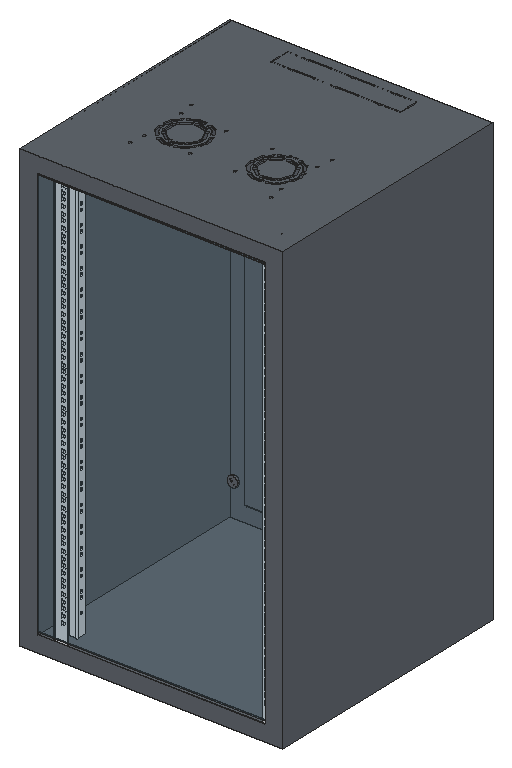
Revit family "Legrand Linkeo coffrets fixes avec panneaux latéraux fixes", category Equipement spécialisé, Revit 2020
Family settings
  Cote de connecteur circulaire = Utiliser le diamètre
  Type d'élément = Normal
  Numéro OmniClass = 23.80.30.11.17
  Titre OmniClass = Distribution Boards and Control Panels
  Basée sur le plan de construction = Non
  Toujours verticalement = Oui
  Couper avec des vides une fois chargée = Non
  Partagée = Oui
  Point de calcul de pièce = Non
Parameters (values of type "Coffret fixe Legrand Linkeo 21U W600 D600 646215.rfa")
  Type de montage = "Frontal"
  Type d'aération = "Passif"
  Référence Legrand = "646215"
  RAL = "7016"
  Passage utile en largeur (mm) = 526.00 mm
  Passage utile en hauteur (mm) = 955.00 mm
  Nombre de portes = "1"
  Nombre d'unités en hauteur = 21
  Modèle = "Corps fixe"
  Matériau = "Acier"
  Lien e-catalogue = "https://www.legrand.fr/reference/646215/pro"
  Libellé BIM = "Coffret fixe Legrand Linkeo 21U W600 D600 646215.rfa"
  Indice de protection IP = "IP20"
  Indice de protection IK = "IK08"
  Profondeur (mm) = 604.00 mm
  Largeur (mm) = 605.00 mm
  Hauteur (mm) = 1025.00 mm
  Fonction = "Coffrets fixes Linkeo Legrand"
  Fixation Y = 819.00 mm
  Fixation X = 400.00 mm
  Finition du rail profilé = "En forme de L"
  Finition de surface = "Poudré"
  Fabricant = "Legrand"  # constant formula
  Epaisseur (mm) = 1.50 mm
  Emplacement de rack = 40.00 mm
  Elévation par défaut = 0.00 mm
  EAN = "3414970967886"
  Démontable = yes
  Dimension modulaire = "482.6 mm (19 pouces)"
  Couleur = gris
  Classe d'application = "Coffrets Legrand"
  Capacité de charge max = "63"
  Avec tôle de toit = yes
  Avec porte frontale = yes
  Avec parois latérales = yes
  Avec mise à la terre = yes
Reference planes
  plane 1 "Centre (avant/arrière)": y = 150
  plane 2: z = 0
  plane 3 "Centre (gauche/droite)": x = 0
  plane 4: x = 605
  plane 5: z = 1025
  plane 6: y = -454
  plane 7: x = 39.5
  plane 8: x = 565.5
  plane 9: x = 302.5
  plane 10: z = 990
  plane 11: z = 35
  plane 12: z = 512.5
  plane 13: y = -452
  plane 14: x = 302.5
  plane 15: y = -444.5
  plane 16: y = 455.094
  plane 17: x = 1428.928
  plane 18: z = -485.313
  plane 19: x = 2466.566
  plane 20: z = 512.5
  plane 21: x = 302.5
  plane 22: z = 103
  plane 23: z = 922
  plane 24: x = 502.5
  plane 25: x = 102.5
  plane 26: x = 302.5
  plane 27: y = -414
  plane 28: x = 528
  plane 29: y = -412.5
  plane 30: x = 559.5
  plane 31: x = 561
  plane 32: y = -373.5
  plane 33: y = -372
  plane 34: x = 537.5
  plane 35: x = 539
  plane 36: y = -352
  plane 37: z = 46.65
  plane 38: z = 56.15
  plane 39: x = 531.5
  plane 40: x = 541
  plane 41: z = 78.4
  plane 42: z = 87.9
  plane 43: y = -358.486
  plane 44: y = -367.986
  plane 45: z = 72.03
  plane 46: z = 62.53
  plane 47: x = 77
  plane 48: y = -412.5
  plane 49: y = -373.5
  plane 50: y = -372
  plane 51: x = 67.5
  plane 52: x = 66
  plane 53: y = -352
  plane 54: z = 40
  plane 55: z = 960
  plane 56: z = 512.5
  plane 57: y = -454
  plane 58: y = -75
Forms (mm)
  Extrusion 1, solid, material "gris" <- "Couleur"
    sketch origin (0, 0, 0) x (0, 1, 0) y (0, 0, 1)
      loop
        line (-454, 0) -> (150, 0) -> (150, 1025) -> (-454, 1025) -> (-454, 0)
    from 0 to 605
  Extrusion 2, void
    sketch origin (0, 150, 0) x (1, 0, 0) y (0, 0, 1)
      loop
        line (2, 1023) -> (2, 2) -> (603, 2) -> (603, 1023) -> (2, 1023)
    from 2 to 602
  Extrusion 3, void
    sketch origin (0, 150, 0) x (1, 0, 0) y (0, 0, 1)
      loop
        line (39.5, 990) -> (39.5, 35) -> (565.5, 35) -> (565.5, 990) -> (39.5, 990)
    from 0 to 604
  Extrusion 4, solid, material "Verre"
    sketch origin (0, 150, 0) x (1, 0, 0) y (0, 0, 1)
      loop
        line (39.5, 40) -> (565.5, 40) -> (565.5, 985) -> (39.5, 985) -> (39.5, 40)
    from 599 to 604
  Extrusion 5, solid, material "gris" <- "Couleur"
    sketch origin (0, 150, 0) x (1, 0, 0) y (0, 0, 1)
      loop
        line (39.5, 985) -> (39.5, 40) -> (565.5, 40) -> (565.5, 985) -> (39.5, 985)
    from 0 to 5
  Extrusion 6, void
    sketch origin (-365.695, -1524, 1025) x (0, -1, 0) y (-1, 0, 0)
      loop
        line (-1346.24, -534.853) -> (-1354.081, -549.371)
        arc (-1354.081, -549.371) -> (-1354.476, -550.408) -> (-1354.589, -551.511) r 4.25
        line (-1354.589, -551.511) -> (-1354.121, -568.003)
        arc (-1354.121, -568.003) -> (-1349.753, -572.132) -> (-1345.624, -567.763) r 4.25
        line (-1345.624, -567.763) -> (-1346.061, -552.408) -> (-1338.76, -538.89)
        arc (-1338.76, -538.89) -> (-1340.482, -533.132) -> (-1346.24, -534.853) r 4.25
      loop
        line (-1350.631, -582.413) -> (-1344.17, -597.593)
        arc (-1344.17, -597.593) -> (-1343.605, -598.55) -> (-1342.813, -599.327) r 4.25
        line (-1342.813, -599.327) -> (-1329.627, -609.243)
        arc (-1329.627, -609.243) -> (-1323.675, -608.402) -> (-1324.517, -602.45) r 4.25
        line (-1324.517, -602.45) -> (-1336.794, -593.218) -> (-1342.809, -579.087)
        arc (-1342.809, -579.087) -> (-1348.384, -576.837) -> (-1350.631, -582.413) r 4.25
      loop
        line (-1341.896, -561.222) -> (-1336.745, -583.429)
        arc (-1336.745, -583.429) -> (-1331.646, -586.613) -> (-1328.465, -581.512) r 4.25
        line (-1328.465, -581.512) -> (-1333.616, -559.301)
        arc (-1333.616, -559.301) -> (-1338.716, -556.121) -> (-1341.896, -561.222) r 4.25
      loop
        line (-1327.307, -595.457) -> (-1306.733, -605.276)
        arc (-1306.733, -605.276) -> (-1301.063, -603.272) -> (-1303.074, -597.604) r 4.25
        line (-1303.074, -597.604) -> (-1323.645, -587.786)
        arc (-1323.645, -587.786) -> (-1329.312, -589.791) -> (-1327.307, -595.457) r 4.25
      loop
        line (-1299.11, -611.418) -> (-1313.912, -607.309)
        arc (-1313.912, -607.309) -> (-1319.143, -610.266) -> (-1316.188, -615.498) r 4.25
        line (-1316.188, -615.498) -> (-1300.284, -619.913)
        arc (-1300.284, -619.913) -> (-1299.188, -620.067) -> (-1298.089, -619.933) r 4.25
        line (-1298.089, -619.933) -> (-1282.111, -615.805)
        arc (-1282.111, -615.805) -> (-1279.059, -610.627) -> (-1284.237, -607.575) r 4.25
        line (-1284.237, -607.575) -> (-1299.11, -611.418)
      loop
        line (-1291.444, -605.396) -> (-1270.941, -595.434)
        arc (-1270.941, -595.434) -> (-1268.972, -589.752) -> (-1274.657, -587.789) r 4.25
        line (-1274.657, -587.789) -> (-1295.159, -597.751)
        arc (-1295.159, -597.751) -> (-1297.124, -603.431) -> (-1291.444, -605.396) r 4.25
      loop
        line (-1254.09, -597.811) -> (-1247.356, -582.747)
        arc (-1247.356, -582.747) -> (-1249.504, -577.132) -> (-1255.118, -579.283) r 4.25
        line (-1255.118, -579.283) -> (-1261.385, -593.302) -> (-1273.826, -602.313)
        arc (-1273.826, -602.313) -> (-1274.775, -608.248) -> (-1268.84, -609.197) r 4.25
        line (-1268.84, -609.197) -> (-1255.481, -599.522)
        arc (-1255.481, -599.522) -> (-1254.673, -598.758) -> (-1254.09, -597.811) r 4.25
      loop
        line (-1261.313, -583.55) -> (-1256.318, -561.312)
        arc (-1256.318, -561.312) -> (-1259.533, -556.231) -> (-1264.612, -559.448) r 4.25
        line (-1264.612, -559.448) -> (-1269.607, -581.692)
        arc (-1269.607, -581.692) -> (-1266.389, -586.771) -> (-1261.313, -583.55) r 4.25
      loop
        line (-1252.027, -552.513) -> (-1252.74, -567.863)
        arc (-1252.74, -567.863) -> (-1248.689, -572.301) -> (-1244.249, -568.252) r 4.25
        line (-1244.249, -568.252) -> (-1243.484, -551.774)
        arc (-1243.484, -551.774) -> (-1243.577, -550.666) -> (-1243.954, -549.621) r 4.25
        line (-1243.954, -549.621) -> (-1251.533, -534.964)
        arc (-1251.533, -534.964) -> (-1257.262, -533.142) -> (-1259.081, -538.873) r 4.25
        line (-1259.081, -538.873) -> (-1252.027, -552.513)
      loop
        line (-1259.602, -546.382) -> (-1273.877, -528.609)
        arc (-1273.877, -528.609) -> (-1279.854, -527.949) -> (-1280.509, -533.927) r 4.25
        line (-1280.509, -533.927) -> (-1266.233, -551.699)
        arc (-1266.233, -551.699) -> (-1260.258, -552.357) -> (-1259.602, -546.382) r 4.25
      loop
        line (-1260.928, -523.497) -> (-1273.333, -512.626)
        arc (-1273.333, -512.626) -> (-1274.254, -512.009) -> (-1275.303, -511.652) r 4.25
        line (-1275.303, -511.652) -> (-1291.501, -508.436)
        arc (-1291.501, -508.436) -> (-1296.493, -511.785) -> (-1293.143, -516.776) r 4.25
        line (-1293.143, -516.776) -> (-1278.083, -519.766) -> (-1266.53, -529.89)
        arc (-1266.53, -529.89) -> (-1260.533, -529.494) -> (-1260.928, -523.497) r 4.25
      loop
        line (-1306.324, -508.634) -> (-1322.558, -511.555)
        arc (-1322.558, -511.555) -> (-1323.615, -511.892) -> (-1324.548, -512.492) r 4.25
        line (-1324.548, -512.492) -> (-1337.151, -523.142)
        arc (-1337.151, -523.142) -> (-1337.654, -529.131) -> (-1331.665, -529.634) r 4.25
        line (-1331.665, -529.634) -> (-1319.932, -519.719) -> (-1304.811, -516.998)
        arc (-1304.811, -516.998) -> (-1301.384, -512.059) -> (-1306.324, -508.634) r 4.25
      loop
        line (-1287.602, -521.865) -> (-1310.399, -521.944)
        arc (-1310.399, -521.944) -> (-1314.637, -526.21) -> (-1310.367, -530.444) r 4.25
        line (-1310.367, -530.444) -> (-1287.573, -530.365)
        arc (-1287.573, -530.365) -> (-1283.338, -526.1) -> (-1287.602, -521.865) r 4.25
      loop
        line (-1324.228, -528.473) -> (-1338.379, -546.345)
        arc (-1338.379, -546.345) -> (-1337.685, -552.316) -> (-1331.715, -551.622) r 4.25
        line (-1331.715, -551.622) -> (-1317.562, -533.747)
        arc (-1317.562, -533.747) -> (-1318.257, -527.775) -> (-1324.228, -528.473) r 4.25
      loop
        line (-1243.954, -759.621) -> (-1251.533, -744.964)
        arc (-1251.533, -744.964) -> (-1257.262, -743.142) -> (-1259.081, -748.873) r 4.25
        line (-1259.081, -748.873) -> (-1252.027, -762.513) -> (-1252.74, -777.862)
        arc (-1252.74, -777.862) -> (-1248.689, -782.301) -> (-1244.249, -778.252) r 4.25
        line (-1244.249, -778.252) -> (-1243.484, -761.774)
        arc (-1243.484, -761.774) -> (-1243.577, -760.666) -> (-1243.954, -759.621) r 4.25
      loop
        line (-1254.09, -807.811) -> (-1247.356, -792.747)
        arc (-1247.356, -792.747) -> (-1249.504, -787.132) -> (-1255.118, -789.283) r 4.25
        line (-1255.118, -789.283) -> (-1261.385, -803.302) -> (-1273.826, -812.313)
        arc (-1273.826, -812.313) -> (-1274.775, -818.248) -> (-1268.84, -819.197) r 4.25
        line (-1268.84, -819.197) -> (-1255.477, -809.519)
        arc (-1255.477, -809.519) -> (-1254.671, -808.756) -> (-1254.09, -807.811) r 4.25
      loop
        line (-1284.233, -817.574) -> (-1299.11, -821.418) -> (-1313.912, -817.309)
        arc (-1313.912, -817.309) -> (-1319.143, -820.264) -> (-1316.191, -825.498) r 4.25
        line (-1316.191, -825.498) -> (-1300.294, -829.911)
        arc (-1300.294, -829.911) -> (-1299.194, -830.067) -> (-1298.092, -829.934) r 4.25
        line (-1298.092, -829.934) -> (-1282.107, -825.804)
        arc (-1282.107, -825.804) -> (-1279.059, -820.627) -> (-1284.233, -817.574) r 4.25
      loop
        line (-1324.517, -812.45) -> (-1336.794, -803.218) -> (-1342.809, -789.087)
        arc (-1342.809, -789.087) -> (-1348.384, -786.837) -> (-1350.631, -792.413) r 4.25
        line (-1350.631, -792.413) -> (-1344.169, -807.595)
        arc (-1344.169, -807.595) -> (-1343.605, -808.55) -> (-1342.813, -809.327) r 4.25
        line (-1342.813, -809.327) -> (-1329.625, -819.244)
        arc (-1329.625, -819.244) -> (-1323.674, -818.401) -> (-1324.517, -812.45) r 4.25
      loop
        line (-1349.126, -777.863) -> (-1349.39, -768.573) -> (-1338.761, -748.892)
        arc (-1338.761, -748.892) -> (-1340.48, -743.134) -> (-1346.238, -744.85) r 4.25
        line (-1346.238, -744.85) -> (-1354.082, -759.373)
        arc (-1354.082, -759.373) -> (-1354.476, -760.409) -> (-1354.589, -761.511) r 4.25
        line (-1354.589, -761.511) -> (-1354.121, -778.002)
        arc (-1354.121, -778.002) -> (-1351.554, -780.431) -> (-1349.126, -777.863) r 2.498
      loop
        line (-1331.662, -739.632) -> (-1319.932, -729.719) -> (-1304.813, -726.999)
        arc (-1304.813, -726.999) -> (-1301.383, -722.064) -> (-1306.316, -718.632) r 4.25
        line (-1306.316, -718.632) -> (-1322.555, -721.554)
        arc (-1322.555, -721.554) -> (-1323.613, -721.891) -> (-1324.548, -722.492) r 4.25
        line (-1324.548, -722.492) -> (-1337.149, -733.14)
        arc (-1337.149, -733.14) -> (-1337.654, -739.131) -> (-1331.662, -739.632) r 4.25
      loop
        line (-1293.15, -726.774) -> (-1278.083, -729.766) -> (-1266.527, -739.892)
        arc (-1266.527, -739.892) -> (-1260.532, -739.493) -> (-1260.928, -733.497) r 4.25
        line (-1260.928, -733.497) -> (-1273.335, -722.625)
        arc (-1273.335, -722.625) -> (-1274.257, -722.008) -> (-1275.308, -721.651) r 4.25
        line (-1275.308, -721.651) -> (-1291.495, -718.437)
        arc (-1291.495, -718.437) -> (-1296.491, -721.778) -> (-1293.15, -726.774) r 4.25
      loop
        line (-1280.509, -743.927) -> (-1266.233, -761.7)
        arc (-1266.233, -761.7) -> (-1260.259, -762.357) -> (-1259.602, -756.382) r 4.25
        line (-1259.602, -756.382) -> (-1273.879, -738.607)
        arc (-1273.879, -738.607) -> (-1279.855, -737.95) -> (-1280.509, -743.927) r 4.25
      loop
        line (-1264.612, -769.449) -> (-1269.607, -791.692)
        arc (-1269.607, -791.692) -> (-1266.389, -796.771) -> (-1261.313, -793.55) r 4.25
        line (-1261.313, -793.55) -> (-1256.318, -771.312)
        arc (-1256.318, -771.312) -> (-1259.533, -766.231) -> (-1264.612, -769.449) r 4.25
      loop
        line (-1274.657, -797.789) -> (-1295.165, -807.754)
        arc (-1295.165, -807.754) -> (-1297.123, -813.434) -> (-1291.444, -815.396) r 4.25
        line (-1291.444, -815.396) -> (-1270.937, -805.432)
        arc (-1270.937, -805.432) -> (-1268.973, -799.749) -> (-1274.657, -797.789) r 4.25
      loop
        line (-1287.602, -731.865) -> (-1310.398, -731.944)
        arc (-1310.398, -731.944) -> (-1314.637, -736.209) -> (-1310.368, -740.444) r 4.25
        line (-1310.368, -740.444) -> (-1287.573, -740.365)
        arc (-1287.573, -740.365) -> (-1283.338, -736.1) -> (-1287.602, -731.865) r 4.25
      loop
        line (-1324.229, -738.474) -> (-1338.379, -756.345)
        arc (-1338.379, -756.345) -> (-1337.685, -762.316) -> (-1331.715, -761.622) r 4.25
        line (-1331.715, -761.622) -> (-1317.562, -743.746)
        arc (-1317.562, -743.746) -> (-1318.257, -737.775) -> (-1324.229, -738.474) r 4.25
      loop
        line (-1341.896, -771.222) -> (-1336.746, -793.428)
        arc (-1336.746, -793.428) -> (-1331.647, -796.613) -> (-1328.465, -791.512) r 4.25
        line (-1328.465, -791.512) -> (-1333.616, -769.301)
        arc (-1333.616, -769.301) -> (-1338.716, -766.121) -> (-1341.896, -771.222) r 4.25
      loop
        line (-1327.307, -805.457) -> (-1306.732, -815.277)
        arc (-1306.732, -815.277) -> (-1301.064, -813.274) -> (-1303.069, -807.607) r 4.25
        line (-1303.069, -807.607) -> (-1323.639, -797.789)
        arc (-1323.639, -797.789) -> (-1329.31, -799.788) -> (-1327.307, -805.457) r 4.25
      loop
        circle (-1387.055, -505.695) r 2.75
      loop
        circle (-1351.557, -510.693) r 2.75
      loop
        circle (-1246.556, -510.693) r 2.75
      loop
        circle (-1211.055, -505.695) r 2.75
      loop
        circle (-1246.555, -615.695) r 2.75
      loop
        circle (-1351.555, -615.695) r 2.75
      loop
        circle (-1351.557, -720.693) r 2.75
      loop
        circle (-1246.555, -720.695) r 2.75
      loop
        circle (-1246.555, -825.695) r 2.75
      loop
        circle (-1211.055, -830.695) r 2.75
      loop
        circle (-1351.555, -825.695) r 2.75
      loop
        circle (-1387.055, -830.695) r 2.75
    from 0 to 2
  Extrusion 7, void
    sketch origin (0, 150, 1025) x (1, 0, 0) y (0, -1, 0)
      loop
        line (152.5, 24) -> (201.75, 24) -> (201.75, 27) -> (155.5, 27) -> (155.5, 48.25) -> (152.5, 48.25) -> (152.5, 24)
      loop
        line (452.5, 49.75) -> (452.5, 74) -> (403.25, 74) -> (403.25, 71) -> (449.5, 71) -> (449.5, 49.75) -> (452.5, 49.75)
      loop
        line (403.25, 24) -> (452.5, 24) -> (452.5, 48.25) -> (449.5, 48.25) -> (449.5, 27) -> (403.25, 27) -> (403.25, 24)
      loop
        line (203.25, 71) -> (251.75, 71) -> (251.75, 74) -> (203.25, 74) -> (203.25, 71)
      loop
        line (152.5, 49.75) -> (155.5, 49.75) -> (155.5, 71) -> (201.75, 71) -> (201.75, 74) -> (152.5, 74) -> (152.5, 49.75)
      loop
        line (253.25, 74) -> (253.25, 71) -> (301.75, 71) -> (301.75, 74) -> (253.25, 74)
      loop
        line (351.75, 71) -> (351.75, 74) -> (303.25, 74) -> (303.25, 71) -> (351.75, 71)
      loop
        line (353.25, 74) -> (353.25, 71) -> (401.75, 71) -> (401.75, 74) -> (353.25, 74)
      loop
        line (351.75, 27) -> (303.25, 27) -> (303.25, 24) -> (351.75, 24) -> (351.75, 27)
      loop
        line (353.25, 27) -> (353.25, 24) -> (401.75, 24) -> (401.75, 27) -> (353.25, 27)
      loop
        line (251.75, 27) -> (203.25, 27) -> (203.25, 24) -> (251.75, 24) -> (251.75, 27)
      loop
        line (253.25, 27) -> (253.25, 24) -> (301.75, 24) -> (301.75, 27) -> (253.25, 27)
    from 0 to 2
  Extrusion 8, void
    sketch origin (0, -150, 0) x (1, 0, 0) y (0, 1, 0)
      loop
        line (152.5, 276) -> (152.5, 251.75) -> (155.5, 251.75) -> (155.5, 273) -> (201.75, 273) -> (201.75, 276) -> (152.5, 276)
      loop
        line (452.5, 250.25) -> (449.5, 250.25) -> (449.5, 229) -> (403.25, 229) -> (403.25, 226) -> (452.5, 226) -> (452.5, 250.25)
      loop
        line (403.25, 276) -> (403.25, 273) -> (449.5, 273) -> (449.5, 251.75) -> (452.5, 251.75) -> (452.5, 276) -> (403.25, 276)
      loop
        line (203.25, 229) -> (203.25, 226) -> (251.75, 226) -> (251.75, 229) -> (203.25, 229)
      loop
        line (152.5, 250.25) -> (152.5, 226) -> (201.75, 226) -> (201.75, 229) -> (155.5, 229) -> (155.5, 250.25) -> (152.5, 250.25)
      loop
        line (253.25, 226) -> (301.75, 226) -> (301.75, 229) -> (253.25, 229) -> (253.25, 226)
      loop
        line (351.75, 229) -> (303.25, 229) -> (303.25, 226) -> (351.75, 226) -> (351.75, 229)
      loop
        line (353.25, 226) -> (401.75, 226) -> (401.75, 229) -> (353.25, 229) -> (353.25, 226)
      loop
        line (351.75, 273) -> (351.75, 276) -> (303.25, 276) -> (303.25, 273) -> (351.75, 273)
      loop
        line (353.25, 273) -> (401.75, 273) -> (401.75, 276) -> (353.25, 276) -> (353.25, 273)
      loop
        line (251.75, 273) -> (251.75, 276) -> (203.25, 276) -> (203.25, 273) -> (251.75, 273)
      loop
        line (253.25, 273) -> (301.75, 273) -> (301.75, 276) -> (253.25, 276) -> (253.25, 273)
    from 0 to 2
  Extrusion 9, void
    sketch origin (0, 150, 0) x (1, 0, 0) y (0, 0, 1)
      loop
        line (106.751, 916.931) -> (106.751, 922)
        arc (106.751, 922) -> (102.5, 926.251) -> (98.249, 922) r 4.251
        line (98.249, 922) -> (98.249, 916.931)
        arc (98.249, 916.931) -> (102.5, 903.252) -> (106.751, 916.931) r 7.5
      loop
        line (506.751, 916.931) -> (506.751, 922)
        arc (506.751, 922) -> (502.5, 926.251) -> (498.249, 922) r 4.251
        line (498.249, 922) -> (498.249, 916.931)
        arc (498.249, 916.931) -> (502.5, 903.252) -> (506.751, 916.931) r 7.5
    from -12.009 to 5
  Extrusion 10, solid
    sketch origin (603, 150, 2) x (-1, 0, 0) y (0, -1, 0)
      loop
        line (75, 562.5) -> (75, 564) -> (45, 564)
        arc (45, 564) -> (42.879, 563.121) -> (42, 561) r 3
        line (42, 561) -> (42, 525)
        arc (42, 525) -> (42.879, 522.879) -> (45, 522) r 3
        line (45, 522) -> (62.5, 522)
        arc (62.5, 522) -> (63.561, 521.561) -> (64, 520.5) r 1.5
        line (64, 520.5) -> (64, 502) -> (65.5, 502) -> (65.5, 520.5)
        arc (65.5, 520.5) -> (64.621, 522.621) -> (62.5, 523.5) r 3
        line (62.5, 523.5) -> (45, 523.5)
        arc (45, 523.5) -> (43.939, 523.939) -> (43.5, 525) r 1.5
        line (43.5, 525) -> (43.5, 561)
        arc (43.5, 561) -> (43.939, 562.061) -> (45, 562.5) r 1.5
        line (45, 562.5) -> (75, 562.5)
    from 0 to 1021
  Extrusion 11, void
    sketch origin (528, -414, 2) x (-1, 0, 0) y (0, 0, 1)
      loop
        line (-3.5, 44.65) -> (-3.5, 54.15) -> (-13, 54.15) -> (-13, 44.65) -> (-3.5, 44.65)
      loop
        line (-3.5, 76.4) -> (-3.5, 85.9) -> (-13, 85.9) -> (-13, 76.4) -> (-3.5, 76.4)
    from 0 to 1.5
  Extrusion 12, void
    sketch origin (528, -414, 2) x (-1, 0, 0) y (0, 0, 1)
      loop
        line (-3.5, 60.53) -> (-3.5, 70.03) -> (-13, 70.03) -> (-13, 60.53) -> (-3.5, 60.53)
    from 0 to 1.5
  Extrusion 13, solid
    sketch origin (13.243, 150, 2) x (1, 0, 0) y (0, 1, 0)
      loop
        line (63.757, -562.5) -> (33.757, -562.5)
        arc (33.757, -562.5) -> (32.697, -562.061) -> (32.257, -561) r 1.5
        line (32.257, -561) -> (32.257, -525)
        arc (32.257, -525) -> (32.697, -523.939) -> (33.757, -523.5) r 1.5
        line (33.757, -523.5) -> (51.257, -523.5)
        arc (51.257, -523.5) -> (53.379, -522.621) -> (54.257, -520.5) r 3
        line (54.257, -520.5) -> (54.257, -502) -> (52.757, -502) -> (52.757, -520.5)
        arc (52.757, -520.5) -> (52.318, -521.561) -> (51.257, -522) r 1.5
        line (51.257, -522) -> (33.757, -522)
        arc (33.757, -522) -> (31.636, -522.879) -> (30.757, -525) r 3
        line (30.757, -525) -> (30.757, -561)
        arc (30.757, -561) -> (31.636, -563.121) -> (33.757, -564) r 3
        line (33.757, -564) -> (63.757, -564) -> (63.757, -562.5)
    from 0 to 1021
  Extrusion 14, void, not visible
    sketch origin (0, 150, 94.83) x (0, 0, -1) y (1, 0, 0)
      loop
        line (-56.37, 452.5) -> (-80.62, 452.5) -> (-80.62, 449.5) -> (-59.37, 449.5) -> (-59.37, 403.25) -> (-56.37, 403.25) -> (-56.37, 452.5)
      loop
        line (-106.37, 403.25) -> (-103.37, 403.25) -> (-103.37, 449.5) -> (-82.12, 449.5) -> (-82.12, 452.5) -> (-106.37, 452.5) -> (-106.37, 403.25)
      loop
        line (-106.37, 401.75) -> (-106.37, 353.25) -> (-103.37, 353.25) -> (-103.37, 401.75) -> (-106.37, 401.75)
      loop
        line (-106.37, 351.75) -> (-106.37, 303.25) -> (-103.37, 303.25) -> (-103.37, 351.75) -> (-106.37, 351.75)
      loop
        line (-106.37, 301.75) -> (-106.37, 253.25) -> (-103.37, 253.25) -> (-103.37, 301.75) -> (-106.37, 301.75)
      loop
        line (-106.37, 251.75) -> (-106.37, 203.25) -> (-103.37, 203.25) -> (-103.37, 251.75) -> (-106.37, 251.75)
      loop
        line (-106.37, 201.75) -> (-106.37, 152.5) -> (-82.12, 152.5) -> (-82.12, 155.5) -> (-103.37, 155.5) -> (-103.37, 201.75) -> (-106.37, 201.75)
      loop
        line (-80.62, 152.5) -> (-56.37, 152.5) -> (-56.37, 201.75) -> (-59.37, 201.75) -> (-59.37, 155.5) -> (-80.62, 155.5) -> (-80.62, 152.5)
      loop
        line (-56.37, 203.25) -> (-56.37, 251.75) -> (-59.37, 251.75) -> (-59.37, 203.25) -> (-56.37, 203.25)
      loop
        line (-56.37, 253.25) -> (-56.37, 301.75) -> (-59.37, 301.75) -> (-59.37, 253.25) -> (-56.37, 253.25)
      loop
        line (-56.37, 351.75) -> (-59.37, 351.75) -> (-59.37, 303.25) -> (-56.37, 303.25) -> (-56.37, 351.75)
      loop
        line (-56.37, 353.25) -> (-56.37, 401.75) -> (-59.37, 401.75) -> (-59.37, 353.25) -> (-56.37, 353.25)
    from 0 to 5
  Extrusion 15, void
    sketch origin (0, 150, -152) x (1, 0, 0) y (0, 0, 1)
      loop
        line (106.751, 249.931) -> (106.751, 255)
        arc (106.751, 255) -> (102.5, 259.251) -> (98.249, 255) r 4.251
        line (98.249, 255) -> (98.249, 249.931)
        arc (98.249, 249.931) -> (102.5, 236.252) -> (106.751, 249.931) r 7.5
      loop
        line (506.751, 249.931) -> (506.751, 255)
        arc (506.751, 255) -> (502.5, 259.251) -> (498.249, 255) r 4.251
        line (498.249, 255) -> (498.249, 249.931)
        arc (498.249, 249.931) -> (502.5, 236.252) -> (506.751, 249.931) r 7.5
    from -12.009 to 5
  Extrusion 16, void
    sketch origin (60.5, -414, 2) x (-1, 0, 0) y (0, 0, 1)
      loop
        line (-3.5, 44.65) -> (-3.5, 54.15) -> (-13, 54.15) -> (-13, 44.65) -> (-3.5, 44.65)
      loop
        line (-3.5, 76.4) -> (-3.5, 85.9) -> (-13, 85.9) -> (-13, 76.4) -> (-3.5, 76.4)
    from 0 to 1.5
  Extrusion 17, void
    sketch origin (60.5, -414, 2) x (-1, 0, 0) y (0, 0, 1)
      loop
        line (-3.5, 60.53) -> (-3.5, 70.03) -> (-13, 70.03) -> (-13, 60.53) -> (-3.5, 60.53)
    from 0 to 1.5
  Extrusion 18, void, not visible
    sketch origin (528, -414, 2) x (-1, 0, 0) y (0, 0, 1)
      loop
        line (-3.5, 44.65) -> (-3.5, 54.15) -> (-13, 54.15) -> (-13, 44.65) -> (-3.5, 44.65)
      loop
        line (-3.5, 76.4) -> (-3.5, 85.9) -> (-13, 85.9) -> (-13, 76.4) -> (-3.5, 76.4)
    from 0 to 1.5
  Extrusion 19, void, not visible
    sketch origin (528, -414, 2) x (-1, 0, 0) y (0, 0, 1)
      loop
        line (-3.5, 60.53) -> (-3.5, 70.03) -> (-13, 70.03) -> (-13, 60.53) -> (-3.5, 60.53)
    from 0 to 1.5
  Extrusion 20, void
    sketch origin (528, -414, 46.45) x (-1, 0, 0) y (0, 0, 1)
      loop
        line (-3.5, 44.65) -> (-3.5, 54.15) -> (-13, 54.15) -> (-13, 44.65) -> (-3.5, 44.65)
      loop
        line (-3.5, 76.4) -> (-3.5, 85.9) -> (-13, 85.9) -> (-13, 76.4) -> (-3.5, 76.4)
    from 0 to 1.5
  Extrusion 21, void
    sketch origin (528, -414, 46.45) x (-1, 0, 0) y (0, 0, 1)
      loop
        line (-3.5, 60.53) -> (-3.5, 70.03) -> (-13, 70.03) -> (-13, 60.53) -> (-3.5, 60.53)
    from 0 to 1.5
  Extrusion 22, void
    sketch origin (60.5, -414, 46.45) x (-1, 0, 0) y (0, 0, 1)
      loop
        line (-3.5, 44.65) -> (-3.5, 54.15) -> (-13, 54.15) -> (-13, 44.65) -> (-3.5, 44.65)
      loop
        line (-3.5, 76.4) -> (-3.5, 85.9) -> (-13, 85.9) -> (-13, 76.4) -> (-3.5, 76.4)
    from 0 to 1.5
  Extrusion 23, void
    sketch origin (60.5, -414, 46.45) x (-1, 0, 0) y (0, 0, 1)
      loop
        line (-3.5, 60.53) -> (-3.5, 70.03) -> (-13, 70.03) -> (-13, 60.53) -> (-3.5, 60.53)
    from 0 to 1.5
  Extrusion 24, void
    sketch origin (528, -414, 90.9) x (-1, 0, 0) y (0, 0, 1)
      loop
        line (-3.5, 44.65) -> (-3.5, 54.15) -> (-13, 54.15) -> (-13, 44.65) -> (-3.5, 44.65)
      loop
        line (-3.5, 76.4) -> (-3.5, 85.9) -> (-13, 85.9) -> (-13, 76.4) -> (-3.5, 76.4)
    from 0 to 1.5
  Extrusion 25, void
    sketch origin (528, -414, 90.9) x (-1, 0, 0) y (0, 0, 1)
      loop
        line (-3.5, 60.53) -> (-3.5, 70.03) -> (-13, 70.03) -> (-13, 60.53) -> (-3.5, 60.53)
    from 0 to 1.5
  Extrusion 26, void
    sketch origin (60.5, -414, 90.9) x (-1, 0, 0) y (0, 0, 1)
      loop
        line (-3.5, 44.65) -> (-3.5, 54.15) -> (-13, 54.15) -> (-13, 44.65) -> (-3.5, 44.65)
      loop
        line (-3.5, 76.4) -> (-3.5, 85.9) -> (-13, 85.9) -> (-13, 76.4) -> (-3.5, 76.4)
    from 0 to 1.5
  Extrusion 27, void
    sketch origin (60.5, -414, 90.9) x (-1, 0, 0) y (0, 0, 1)
      loop
        line (-3.5, 60.53) -> (-3.5, 70.03) -> (-13, 70.03) -> (-13, 60.53) -> (-3.5, 60.53)
    from 0 to 1.5
  Extrusion 28, void
    sketch origin (528, -414, 135.35) x (-1, 0, 0) y (0, 0, 1)
      loop
        line (-3.5, 44.65) -> (-3.5, 54.15) -> (-13, 54.15) -> (-13, 44.65) -> (-3.5, 44.65)
      loop
        line (-3.5, 76.4) -> (-3.5, 85.9) -> (-13, 85.9) -> (-13, 76.4) -> (-3.5, 76.4)
    from 0 to 1.5
  Extrusion 29, void
    sketch origin (528, -414, 135.35) x (-1, 0, 0) y (0, 0, 1)
      loop
        line (-3.5, 60.53) -> (-3.5, 70.03) -> (-13, 70.03) -> (-13, 60.53) -> (-3.5, 60.53)
    from 0 to 1.5
  Extrusion 30, void
    sketch origin (60.5, -414, 135.35) x (-1, 0, 0) y (0, 0, 1)
      loop
        line (-3.5, 44.65) -> (-3.5, 54.15) -> (-13, 54.15) -> (-13, 44.65) -> (-3.5, 44.65)
      loop
        line (-3.5, 76.4) -> (-3.5, 85.9) -> (-13, 85.9) -> (-13, 76.4) -> (-3.5, 76.4)
    from 0 to 1.5
  Extrusion 31, void
    sketch origin (60.5, -414, 135.35) x (-1, 0, 0) y (0, 0, 1)
      loop
        line (-3.5, 60.53) -> (-3.5, 70.03) -> (-13, 70.03) -> (-13, 60.53) -> (-3.5, 60.53)
    from 0 to 1.5
  Extrusion 32, void
    sketch origin (528, -414, 179.8) x (-1, 0, 0) y (0, 0, 1)
      loop
        line (-3.5, 44.65) -> (-3.5, 54.15) -> (-13, 54.15) -> (-13, 44.65) -> (-3.5, 44.65)
      loop
        line (-3.5, 76.4) -> (-3.5, 85.9) -> (-13, 85.9) -> (-13, 76.4) -> (-3.5, 76.4)
    from 0 to 1.5
  Extrusion 33, void
    sketch origin (528, -414, 179.8) x (-1, 0, 0) y (0, 0, 1)
      loop
        line (-3.5, 60.53) -> (-3.5, 70.03) -> (-13, 70.03) -> (-13, 60.53) -> (-3.5, 60.53)
    from 0 to 1.5
  Extrusion 34, void
    sketch origin (60.5, -414, 179.8) x (-1, 0, 0) y (0, 0, 1)
      loop
        line (-3.5, 44.65) -> (-3.5, 54.15) -> (-13, 54.15) -> (-13, 44.65) -> (-3.5, 44.65)
      loop
        line (-3.5, 76.4) -> (-3.5, 85.9) -> (-13, 85.9) -> (-13, 76.4) -> (-3.5, 76.4)
    from 0 to 1.5
  Extrusion 35, void
    sketch origin (60.5, -414, 179.8) x (-1, 0, 0) y (0, 0, 1)
      loop
        line (-3.5, 60.53) -> (-3.5, 70.03) -> (-13, 70.03) -> (-13, 60.53) -> (-3.5, 60.53)
    from 0 to 1.5
  Extrusion 36, void
    sketch origin (528, -414, 224.25) x (-1, 0, 0) y (0, 0, 1)
      loop
        line (-3.5, 44.65) -> (-3.5, 54.15) -> (-13, 54.15) -> (-13, 44.65) -> (-3.5, 44.65)
      loop
        line (-3.5, 76.4) -> (-3.5, 85.9) -> (-13, 85.9) -> (-13, 76.4) -> (-3.5, 76.4)
    from 0 to 1.5
  Extrusion 37, void
    sketch origin (528, -414, 224.25) x (-1, 0, 0) y (0, 0, 1)
      loop
        line (-3.5, 60.53) -> (-3.5, 70.03) -> (-13, 70.03) -> (-13, 60.53) -> (-3.5, 60.53)
    from 0 to 1.5
  Extrusion 38, void
    sketch origin (60.5, -414, 224.25) x (-1, 0, 0) y (0, 0, 1)
      loop
        line (-3.5, 44.65) -> (-3.5, 54.15) -> (-13, 54.15) -> (-13, 44.65) -> (-3.5, 44.65)
      loop
        line (-3.5, 76.4) -> (-3.5, 85.9) -> (-13, 85.9) -> (-13, 76.4) -> (-3.5, 76.4)
    from 0 to 1.5
  Extrusion 39, void
    sketch origin (60.5, -414, 224.25) x (-1, 0, 0) y (0, 0, 1)
      loop
        line (-3.5, 60.53) -> (-3.5, 70.03) -> (-13, 70.03) -> (-13, 60.53) -> (-3.5, 60.53)
    from 0 to 1.5
  Extrusion 40, void
    sketch origin (0, 0, 0) x (0, 1, 0) y (0, 0, 1)
      loop
        line (-367.986, 87.9) -> (-367.986, 78.4) -> (-358.486, 78.4) -> (-358.486, 87.9) -> (-367.986, 87.9)
    from 539 to 66
  Extrusion 41, void
    sketch origin (0, 0, -31.75) x (0, 1, 0) y (0, 0, 1)
      loop
        line (-367.986, 87.9) -> (-367.986, 78.4) -> (-358.486, 78.4) -> (-358.486, 87.9) -> (-367.986, 87.9)
    from 539 to 66
  Extrusion 42, void
    sketch origin (0, 0, 44.45) x (0, 1, 0) y (0, 0, 1)
      loop
        line (-367.986, 87.9) -> (-367.986, 78.4) -> (-358.486, 78.4) -> (-358.486, 87.9) -> (-367.986, 87.9)
    from 539 to 66
  Extrusion 43, void
    sketch origin (0, 0, 12.7) x (0, 1, 0) y (0, 0, 1)
      loop
        line (-367.986, 87.9) -> (-367.986, 78.4) -> (-358.486, 78.4) -> (-358.486, 87.9) -> (-367.986, 87.9)
    from 539 to 66
  Extrusion 44, void
    sketch origin (0, 0, 88.9) x (0, 1, 0) y (0, 0, 1)
      loop
        line (-367.986, 87.9) -> (-367.986, 78.4) -> (-358.486, 78.4) -> (-358.486, 87.9) -> (-367.986, 87.9)
    from 539 to 66
  Extrusion 45, void
    sketch origin (0, 0, 57.15) x (0, 1, 0) y (0, 0, 1)
      loop
        line (-367.986, 87.9) -> (-367.986, 78.4) -> (-358.486, 78.4) -> (-358.486, 87.9) -> (-367.986, 87.9)
    from 539 to 66
  Extrusion 46, void
    sketch origin (0, 0, 133.35) x (0, 1, 0) y (0, 0, 1)
      loop
        line (-367.986, 87.9) -> (-367.986, 78.4) -> (-358.486, 78.4) -> (-358.486, 87.9) -> (-367.986, 87.9)
    from 539 to 66
  Extrusion 47, void
    sketch origin (0, 0, 101.6) x (0, 1, 0) y (0, 0, 1)
      loop
        line (-367.986, 87.9) -> (-367.986, 78.4) -> (-358.486, 78.4) -> (-358.486, 87.9) -> (-367.986, 87.9)
    from 539 to 66
  Extrusion 48, void
    sketch origin (0, 0, 177.8) x (0, 1, 0) y (0, 0, 1)
      loop
        line (-367.986, 87.9) -> (-367.986, 78.4) -> (-358.486, 78.4) -> (-358.486, 87.9) -> (-367.986, 87.9)
    from 539 to 66
  Extrusion 49, void
    sketch origin (0, 0, 146.05) x (0, 1, 0) y (0, 0, 1)
      loop
        line (-367.986, 87.9) -> (-367.986, 78.4) -> (-358.486, 78.4) -> (-358.486, 87.9) -> (-367.986, 87.9)
    from 539 to 66
  Extrusion 50, void
    sketch origin (0, 0, 222.25) x (0, 1, 0) y (0, 0, 1)
      loop
        line (-367.986, 87.9) -> (-367.986, 78.4) -> (-358.486, 78.4) -> (-358.486, 87.9) -> (-367.986, 87.9)
    from 539 to 66
  Extrusion 51, void
    sketch origin (0, 0, 190.5) x (0, 1, 0) y (0, 0, 1)
      loop
        line (-367.986, 87.9) -> (-367.986, 78.4) -> (-358.486, 78.4) -> (-358.486, 87.9) -> (-367.986, 87.9)
    from 539 to 66
  Extrusion 52, void
    sketch origin (0, 150, 0) x (0, 0, -1) y (1, 0, 0)
      loop
        line (-56.37, 452.5) -> (-80.62, 452.5) -> (-80.62, 449.5) -> (-59.37, 449.5) -> (-59.37, 403.25) -> (-56.37, 403.25) -> (-56.37, 452.5)
      loop
        line (-106.37, 403.25) -> (-103.37, 403.25) -> (-103.37, 449.5) -> (-82.12, 449.5) -> (-82.12, 452.5) -> (-106.37, 452.5) -> (-106.37, 403.25)
      loop
        line (-106.37, 401.75) -> (-106.37, 353.25) -> (-103.37, 353.25) -> (-103.37, 401.75) -> (-106.37, 401.75)
      loop
        line (-106.37, 351.75) -> (-106.37, 303.25) -> (-103.37, 303.25) -> (-103.37, 351.75) -> (-106.37, 351.75)
      loop
        line (-106.37, 301.75) -> (-106.37, 253.25) -> (-103.37, 253.25) -> (-103.37, 301.75) -> (-106.37, 301.75)
      loop
        line (-106.37, 251.75) -> (-106.37, 203.25) -> (-103.37, 203.25) -> (-103.37, 251.75) -> (-106.37, 251.75)
      loop
        line (-106.37, 201.75) -> (-106.37, 152.5) -> (-82.12, 152.5) -> (-82.12, 155.5) -> (-103.37, 155.5) -> (-103.37, 201.75) -> (-106.37, 201.75)
      loop
        line (-80.62, 152.5) -> (-56.37, 152.5) -> (-56.37, 201.75) -> (-59.37, 201.75) -> (-59.37, 155.5) -> (-80.62, 155.5) -> (-80.62, 152.5)
      loop
        line (-56.37, 203.25) -> (-56.37, 251.75) -> (-59.37, 251.75) -> (-59.37, 203.25) -> (-56.37, 203.25)
      loop
        line (-56.37, 253.25) -> (-56.37, 301.75) -> (-59.37, 301.75) -> (-59.37, 253.25) -> (-56.37, 253.25)
      loop
        line (-56.37, 351.75) -> (-59.37, 351.75) -> (-59.37, 303.25) -> (-56.37, 303.25) -> (-56.37, 351.75)
      loop
        line (-56.37, 353.25) -> (-56.37, 401.75) -> (-59.37, 401.75) -> (-59.37, 353.25) -> (-56.37, 353.25)
    from 0 to 5
  Extrusion 53, solid, material "gris" <- "Couleur"
    sketch origin (-146.246, -454, 40.971) x (1, 0, 0) y (0, 0, 1)
      loop
        circle (638.746, 471.529) r 12
    from 0 to 4
  Extrusion 54, void
    sketch origin (-145.626, -458, 40.806) x (-1, 0, 0) y (0, 0, 1)
      loop
        line (-631.856, 476.03) -> (-633.789, 477.963) -> (-644.395, 467.357) -> (-642.463, 465.424) -> (-631.856, 476.03)
    from 0 to 2
  Extrusion 55, solid, material "gris" <- "Couleur", not visible
    sketch origin (50.423, -454, -159.029) x (1, 0, 0) y (0, 0, 1)
      loop
        circle (638.746, 471.529) r 12
    from 0 to 4
  Extrusion 56, void, not visible
    sketch origin (51.043, -458, -159.194) x (-1, 0, 0) y (0, 0, 1)
      loop
        line (-631.856, 476.03) -> (-633.789, 477.963) -> (-644.395, 467.357) -> (-642.463, 465.424) -> (-631.856, 476.03)
    from 0 to 2
  Extrusion 57, void, not visible
    sketch origin (-365.695, -1790.805, 359) x (0, -1, 0) y (-1, 0, 0)
      loop
        line (-1346.24, -534.853) -> (-1354.081, -549.371)
        arc (-1354.081, -549.371) -> (-1354.476, -550.408) -> (-1354.589, -551.511) r 4.25
        line (-1354.589, -551.511) -> (-1354.121, -568.003)
        arc (-1354.121, -568.003) -> (-1349.753, -572.132) -> (-1345.624, -567.763) r 4.25
        line (-1345.624, -567.763) -> (-1346.061, -552.408) -> (-1338.76, -538.89)
        arc (-1338.76, -538.89) -> (-1340.482, -533.132) -> (-1346.24, -534.853) r 4.25
      loop
        line (-1350.631, -582.413) -> (-1344.17, -597.593)
        arc (-1344.17, -597.593) -> (-1343.605, -598.55) -> (-1342.813, -599.327) r 4.25
        line (-1342.813, -599.327) -> (-1329.627, -609.243)
        arc (-1329.627, -609.243) -> (-1323.675, -608.402) -> (-1324.517, -602.45) r 4.25
        line (-1324.517, -602.45) -> (-1336.794, -593.218) -> (-1342.809, -579.087)
        arc (-1342.809, -579.087) -> (-1348.384, -576.837) -> (-1350.631, -582.413) r 4.25
      loop
        line (-1341.896, -561.222) -> (-1336.745, -583.429)
        arc (-1336.745, -583.429) -> (-1331.646, -586.613) -> (-1328.465, -581.512) r 4.25
        line (-1328.465, -581.512) -> (-1333.616, -559.301)
        arc (-1333.616, -559.301) -> (-1338.716, -556.121) -> (-1341.896, -561.222) r 4.25
      loop
        line (-1327.307, -595.457) -> (-1306.733, -605.276)
        arc (-1306.733, -605.276) -> (-1301.063, -603.272) -> (-1303.074, -597.604) r 4.25
        line (-1303.074, -597.604) -> (-1323.645, -587.786)
        arc (-1323.645, -587.786) -> (-1329.312, -589.791) -> (-1327.307, -595.457) r 4.25
      loop
        line (-1299.11, -611.418) -> (-1313.912, -607.309)
        arc (-1313.912, -607.309) -> (-1319.143, -610.266) -> (-1316.188, -615.498) r 4.25
        line (-1316.188, -615.498) -> (-1300.284, -619.913)
        arc (-1300.284, -619.913) -> (-1299.188, -620.067) -> (-1298.089, -619.933) r 4.25
        line (-1298.089, -619.933) -> (-1282.111, -615.805)
        arc (-1282.111, -615.805) -> (-1279.059, -610.627) -> (-1284.237, -607.575) r 4.25
        line (-1284.237, -607.575) -> (-1299.11, -611.418)
      loop
        line (-1291.444, -605.396) -> (-1270.941, -595.434)
        arc (-1270.941, -595.434) -> (-1268.972, -589.752) -> (-1274.657, -587.789) r 4.25
        line (-1274.657, -587.789) -> (-1295.159, -597.751)
        arc (-1295.159, -597.751) -> (-1297.124, -603.431) -> (-1291.444, -605.396) r 4.25
      loop
        line (-1254.09, -597.811) -> (-1247.356, -582.747)
        arc (-1247.356, -582.747) -> (-1249.504, -577.132) -> (-1255.118, -579.283) r 4.25
        line (-1255.118, -579.283) -> (-1261.385, -593.302) -> (-1273.826, -602.313)
        arc (-1273.826, -602.313) -> (-1274.775, -608.248) -> (-1268.84, -609.197) r 4.25
        line (-1268.84, -609.197) -> (-1255.481, -599.522)
        arc (-1255.481, -599.522) -> (-1254.673, -598.758) -> (-1254.09, -597.811) r 4.25
      loop
        line (-1261.313, -583.55) -> (-1256.318, -561.312)
        arc (-1256.318, -561.312) -> (-1259.533, -556.231) -> (-1264.612, -559.448) r 4.25
        line (-1264.612, -559.448) -> (-1269.607, -581.692)
        arc (-1269.607, -581.692) -> (-1266.389, -586.771) -> (-1261.313, -583.55) r 4.25
      loop
        line (-1252.027, -552.513) -> (-1252.74, -567.863)
        arc (-1252.74, -567.863) -> (-1248.689, -572.301) -> (-1244.249, -568.252) r 4.25
        line (-1244.249, -568.252) -> (-1243.484, -551.774)
        arc (-1243.484, -551.774) -> (-1243.577, -550.666) -> (-1243.954, -549.621) r 4.25
        line (-1243.954, -549.621) -> (-1251.533, -534.964)
        arc (-1251.533, -534.964) -> (-1257.262, -533.142) -> (-1259.081, -538.873) r 4.25
        line (-1259.081, -538.873) -> (-1252.027, -552.513)
      loop
        line (-1259.602, -546.382) -> (-1273.877, -528.609)
        arc (-1273.877, -528.609) -> (-1279.854, -527.949) -> (-1280.509, -533.927) r 4.25
        line (-1280.509, -533.927) -> (-1266.233, -551.699)
        arc (-1266.233, -551.699) -> (-1260.258, -552.357) -> (-1259.602, -546.382) r 4.25
      loop
        line (-1260.928, -523.497) -> (-1273.333, -512.626)
        arc (-1273.333, -512.626) -> (-1274.254, -512.009) -> (-1275.303, -511.652) r 4.25
        line (-1275.303, -511.652) -> (-1291.501, -508.436)
        arc (-1291.501, -508.436) -> (-1296.493, -511.785) -> (-1293.143, -516.776) r 4.25
        line (-1293.143, -516.776) -> (-1278.083, -519.766) -> (-1266.53, -529.89)
        arc (-1266.53, -529.89) -> (-1260.533, -529.494) -> (-1260.928, -523.497) r 4.25
      loop
        line (-1306.324, -508.634) -> (-1322.558, -511.555)
        arc (-1322.558, -511.555) -> (-1323.615, -511.892) -> (-1324.548, -512.492) r 4.25
        line (-1324.548, -512.492) -> (-1337.151, -523.142)
        arc (-1337.151, -523.142) -> (-1337.654, -529.131) -> (-1331.665, -529.634) r 4.25
        line (-1331.665, -529.634) -> (-1319.932, -519.719) -> (-1304.811, -516.998)
        arc (-1304.811, -516.998) -> (-1301.384, -512.059) -> (-1306.324, -508.634) r 4.25
      loop
        line (-1287.602, -521.865) -> (-1310.399, -521.944)
        arc (-1310.399, -521.944) -> (-1314.637, -526.21) -> (-1310.367, -530.444) r 4.25
        line (-1310.367, -530.444) -> (-1287.573, -530.365)
        arc (-1287.573, -530.365) -> (-1283.338, -526.1) -> (-1287.602, -521.865) r 4.25
      loop
        line (-1324.228, -528.473) -> (-1338.379, -546.345)
        arc (-1338.379, -546.345) -> (-1337.685, -552.316) -> (-1331.715, -551.622) r 4.25
        line (-1331.715, -551.622) -> (-1317.562, -533.747)
        arc (-1317.562, -533.747) -> (-1318.257, -527.775) -> (-1324.228, -528.473) r 4.25
      loop
        line (-1243.954, -759.621) -> (-1251.533, -744.964)
        arc (-1251.533, -744.964) -> (-1257.262, -743.142) -> (-1259.081, -748.873) r 4.25
        line (-1259.081, -748.873) -> (-1252.027, -762.513) -> (-1252.74, -777.862)
        arc (-1252.74, -777.862) -> (-1248.689, -782.301) -> (-1244.249, -778.252) r 4.25
        line (-1244.249, -778.252) -> (-1243.484, -761.774)
        arc (-1243.484, -761.774) -> (-1243.577, -760.666) -> (-1243.954, -759.621) r 4.25
      loop
        line (-1254.09, -807.811) -> (-1247.356, -792.747)
        arc (-1247.356, -792.747) -> (-1249.504, -787.132) -> (-1255.118, -789.283) r 4.25
        line (-1255.118, -789.283) -> (-1261.385, -803.302) -> (-1273.826, -812.313)
        arc (-1273.826, -812.313) -> (-1274.775, -818.248) -> (-1268.84, -819.197) r 4.25
        line (-1268.84, -819.197) -> (-1255.477, -809.519)
        arc (-1255.477, -809.519) -> (-1254.671, -808.756) -> (-1254.09, -807.811) r 4.25
      loop
        line (-1284.233, -817.574) -> (-1299.11, -821.418) -> (-1313.912, -817.309)
        arc (-1313.912, -817.309) -> (-1319.143, -820.264) -> (-1316.191, -825.498) r 4.25
        line (-1316.191, -825.498) -> (-1300.294, -829.911)
        arc (-1300.294, -829.911) -> (-1299.194, -830.067) -> (-1298.092, -829.934) r 4.25
        line (-1298.092, -829.934) -> (-1282.107, -825.804)
        arc (-1282.107, -825.804) -> (-1279.059, -820.627) -> (-1284.233, -817.574) r 4.25
      loop
        line (-1324.517, -812.45) -> (-1336.794, -803.218) -> (-1342.809, -789.087)
        arc (-1342.809, -789.087) -> (-1348.384, -786.837) -> (-1350.631, -792.413) r 4.25
        line (-1350.631, -792.413) -> (-1344.169, -807.595)
        arc (-1344.169, -807.595) -> (-1343.605, -808.55) -> (-1342.813, -809.327) r 4.25
        line (-1342.813, -809.327) -> (-1329.625, -819.244)
        arc (-1329.625, -819.244) -> (-1323.674, -818.401) -> (-1324.517, -812.45) r 4.25
      loop
        line (-1349.126, -777.863) -> (-1349.39, -768.573) -> (-1338.761, -748.892)
        arc (-1338.761, -748.892) -> (-1340.48, -743.134) -> (-1346.238, -744.85) r 4.25
        line (-1346.238, -744.85) -> (-1354.082, -759.373)
        arc (-1354.082, -759.373) -> (-1354.476, -760.409) -> (-1354.589, -761.511) r 4.25
        line (-1354.589, -761.511) -> (-1354.121, -778.002)
        arc (-1354.121, -778.002) -> (-1351.554, -780.431) -> (-1349.126, -777.863) r 2.498
      loop
        line (-1331.662, -739.632) -> (-1319.932, -729.719) -> (-1304.813, -726.999)
        arc (-1304.813, -726.999) -> (-1301.383, -722.064) -> (-1306.316, -718.632) r 4.25
        line (-1306.316, -718.632) -> (-1322.555, -721.554)
        arc (-1322.555, -721.554) -> (-1323.613, -721.891) -> (-1324.548, -722.492) r 4.25
        line (-1324.548, -722.492) -> (-1337.149, -733.14)
        arc (-1337.149, -733.14) -> (-1337.654, -739.131) -> (-1331.662, -739.632) r 4.25
      loop
        line (-1293.15, -726.774) -> (-1278.083, -729.766) -> (-1266.527, -739.892)
        arc (-1266.527, -739.892) -> (-1260.532, -739.493) -> (-1260.928, -733.497) r 4.25
        line (-1260.928, -733.497) -> (-1273.335, -722.625)
        arc (-1273.335, -722.625) -> (-1274.257, -722.008) -> (-1275.308, -721.651) r 4.25
        line (-1275.308, -721.651) -> (-1291.495, -718.437)
        arc (-1291.495, -718.437) -> (-1296.491, -721.778) -> (-1293.15, -726.774) r 4.25
      loop
        line (-1280.509, -743.927) -> (-1266.233, -761.7)
        arc (-1266.233, -761.7) -> (-1260.259, -762.357) -> (-1259.602, -756.382) r 4.25
        line (-1259.602, -756.382) -> (-1273.879, -738.607)
        arc (-1273.879, -738.607) -> (-1279.855, -737.95) -> (-1280.509, -743.927) r 4.25
      loop
        line (-1264.612, -769.449) -> (-1269.607, -791.692)
        arc (-1269.607, -791.692) -> (-1266.389, -796.771) -> (-1261.313, -793.55) r 4.25
        line (-1261.313, -793.55) -> (-1256.318, -771.312)
        arc (-1256.318, -771.312) -> (-1259.533, -766.231) -> (-1264.612, -769.449) r 4.25
      loop
        line (-1274.657, -797.789) -> (-1295.165, -807.754)
        arc (-1295.165, -807.754) -> (-1297.123, -813.434) -> (-1291.444, -815.396) r 4.25
        line (-1291.444, -815.396) -> (-1270.937, -805.432)
        arc (-1270.937, -805.432) -> (-1268.973, -799.749) -> (-1274.657, -797.789) r 4.25
      loop
        line (-1287.602, -731.865) -> (-1310.398, -731.944)
        arc (-1310.398, -731.944) -> (-1314.637, -736.209) -> (-1310.368, -740.444) r 4.25
        line (-1310.368, -740.444) -> (-1287.573, -740.365)
        arc (-1287.573, -740.365) -> (-1283.338, -736.1) -> (-1287.602, -731.865) r 4.25
      loop
        line (-1324.229, -738.474) -> (-1338.379, -756.345)
        arc (-1338.379, -756.345) -> (-1337.685, -762.316) -> (-1331.715, -761.622) r 4.25
        line (-1331.715, -761.622) -> (-1317.562, -743.746)
        arc (-1317.562, -743.746) -> (-1318.257, -737.775) -> (-1324.229, -738.474) r 4.25
      loop
        line (-1341.896, -771.222) -> (-1336.746, -793.428)
        arc (-1336.746, -793.428) -> (-1331.647, -796.613) -> (-1328.465, -791.512) r 4.25
        line (-1328.465, -791.512) -> (-1333.616, -769.301)
        arc (-1333.616, -769.301) -> (-1338.716, -766.121) -> (-1341.896, -771.222) r 4.25
      loop
        line (-1327.307, -805.457) -> (-1306.732, -815.277)
        arc (-1306.732, -815.277) -> (-1301.064, -813.274) -> (-1303.069, -807.607) r 4.25
        line (-1303.069, -807.607) -> (-1323.639, -797.789)
        arc (-1323.639, -797.789) -> (-1329.31, -799.788) -> (-1327.307, -805.457) r 4.25
      loop
        circle (-1387.055, -505.695) r 2.75
      loop
        circle (-1351.557, -510.693) r 2.75
      loop
        circle (-1246.556, -510.693) r 2.75
      loop
        circle (-1211.055, -505.695) r 2.75
      loop
        circle (-1246.555, -615.695) r 2.75
      loop
        circle (-1351.555, -615.695) r 2.75
      loop
        circle (-1351.557, -720.693) r 2.75
      loop
        circle (-1246.555, -720.695) r 2.75
      loop
        circle (-1246.555, -825.695) r 2.75
      loop
        circle (-1211.055, -830.695) r 2.75
      loop
        circle (-1351.555, -825.695) r 2.75
      loop
        circle (-1387.055, -830.695) r 2.75
    from 0 to 2
  Extrusion 58, void
    sketch origin (528, -414, 268.7) x (-1, 0, 0) y (0, 0, 1)
      loop
        line (-3.5, 44.65) -> (-3.5, 54.15) -> (-13, 54.15) -> (-13, 44.65) -> (-3.5, 44.65)
      loop
        line (-3.5, 76.4) -> (-3.5, 85.9) -> (-13, 85.9) -> (-13, 76.4) -> (-3.5, 76.4)
    from 0 to 1.5
  Extrusion 59, void
    sketch origin (528, -414, 268.7) x (-1, 0, 0) y (0, 0, 1)
      loop
        line (-3.5, 60.53) -> (-3.5, 70.03) -> (-13, 70.03) -> (-13, 60.53) -> (-3.5, 60.53)
    from 0 to 1.5
  Extrusion 60, void
    sketch origin (60.5, -414, 268.7) x (-1, 0, 0) y (0, 0, 1)
      loop
        line (-3.5, 44.65) -> (-3.5, 54.15) -> (-13, 54.15) -> (-13, 44.65) -> (-3.5, 44.65)
      loop
        line (-3.5, 76.4) -> (-3.5, 85.9) -> (-13, 85.9) -> (-13, 76.4) -> (-3.5, 76.4)
    from 0 to 1.5
  Extrusion 61, void
    sketch origin (60.5, -414, 268.7) x (-1, 0, 0) y (0, 0, 1)
      loop
        line (-3.5, 60.53) -> (-3.5, 70.03) -> (-13, 70.03) -> (-13, 60.53) -> (-3.5, 60.53)
    from 0 to 1.5
  Extrusion 62, void
    sketch origin (528, -414, 313.15) x (-1, 0, 0) y (0, 0, 1)
      loop
        line (-3.5, 44.65) -> (-3.5, 54.15) -> (-13, 54.15) -> (-13, 44.65) -> (-3.5, 44.65)
      loop
        line (-3.5, 76.4) -> (-3.5, 85.9) -> (-13, 85.9) -> (-13, 76.4) -> (-3.5, 76.4)
    from 0 to 1.5
  Extrusion 63, void
    sketch origin (528, -414, 313.15) x (-1, 0, 0) y (0, 0, 1)
      loop
        line (-3.5, 60.53) -> (-3.5, 70.03) -> (-13, 70.03) -> (-13, 60.53) -> (-3.5, 60.53)
    from 0 to 1.5
  Extrusion 64, void
    sketch origin (60.5, -414, 313.15) x (-1, 0, 0) y (0, 0, 1)
      loop
        line (-3.5, 44.65) -> (-3.5, 54.15) -> (-13, 54.15) -> (-13, 44.65) -> (-3.5, 44.65)
      loop
        line (-3.5, 76.4) -> (-3.5, 85.9) -> (-13, 85.9) -> (-13, 76.4) -> (-3.5, 76.4)
    from 0 to 1.5
  Extrusion 65, void
    sketch origin (60.5, -414, 313.15) x (-1, 0, 0) y (0, 0, 1)
      loop
        line (-3.5, 60.53) -> (-3.5, 70.03) -> (-13, 70.03) -> (-13, 60.53) -> (-3.5, 60.53)
    from 0 to 1.5
  Extrusion 66, void
    sketch origin (528, -414, 357.6) x (-1, 0, 0) y (0, 0, 1)
      loop
        line (-3.5, 44.65) -> (-3.5, 54.15) -> (-13, 54.15) -> (-13, 44.65) -> (-3.5, 44.65)
      loop
        line (-3.5, 76.4) -> (-3.5, 85.9) -> (-13, 85.9) -> (-13, 76.4) -> (-3.5, 76.4)
    from 0 to 1.5
  Extrusion 67, void
    sketch origin (528, -414, 357.6) x (-1, 0, 0) y (0, 0, 1)
      loop
        line (-3.5, 60.53) -> (-3.5, 70.03) -> (-13, 70.03) -> (-13, 60.53) -> (-3.5, 60.53)
    from 0 to 1.5
  Extrusion 68, void
    sketch origin (60.5, -414, 357.6) x (-1, 0, 0) y (0, 0, 1)
      loop
        line (-3.5, 44.65) -> (-3.5, 54.15) -> (-13, 54.15) -> (-13, 44.65) -> (-3.5, 44.65)
      loop
        line (-3.5, 76.4) -> (-3.5, 85.9) -> (-13, 85.9) -> (-13, 76.4) -> (-3.5, 76.4)
    from 0 to 1.5
  Extrusion 69, void
    sketch origin (60.5, -414, 357.6) x (-1, 0, 0) y (0, 0, 1)
      loop
        line (-3.5, 60.53) -> (-3.5, 70.03) -> (-13, 70.03) -> (-13, 60.53) -> (-3.5, 60.53)
    from 0 to 1.5
  Extrusion 70, void
    sketch origin (0, 0, 266.7) x (0, 1, 0) y (0, 0, 1)
      loop
        line (-367.986, 87.9) -> (-367.986, 78.4) -> (-358.486, 78.4) -> (-358.486, 87.9) -> (-367.986, 87.9)
    from 539 to 66
  Extrusion 71, void
    sketch origin (0, 0, 234.95) x (0, 1, 0) y (0, 0, 1)
      loop
        line (-367.986, 87.9) -> (-367.986, 78.4) -> (-358.486, 78.4) -> (-358.486, 87.9) -> (-367.986, 87.9)
    from 539 to 66
  Extrusion 72, void
    sketch origin (0, 0, 311.15) x (0, 1, 0) y (0, 0, 1)
      loop
        line (-367.986, 87.9) -> (-367.986, 78.4) -> (-358.486, 78.4) -> (-358.486, 87.9) -> (-367.986, 87.9)
    from 539 to 66
  Extrusion 73, void
    sketch origin (0, 0, 279.4) x (0, 1, 0) y (0, 0, 1)
      loop
        line (-367.986, 87.9) -> (-367.986, 78.4) -> (-358.486, 78.4) -> (-358.486, 87.9) -> (-367.986, 87.9)
    from 539 to 66
  Extrusion 74, void
    sketch origin (0, 0, 355.6) x (0, 1, 0) y (0, 0, 1)
      loop
        line (-367.986, 87.9) -> (-367.986, 78.4) -> (-358.486, 78.4) -> (-358.486, 87.9) -> (-367.986, 87.9)
    from 539 to 66
  Extrusion 75, void
    sketch origin (0, 0, 323.85) x (0, 1, 0) y (0, 0, 1)
      loop
        line (-367.986, 87.9) -> (-367.986, 78.4) -> (-358.486, 78.4) -> (-358.486, 87.9) -> (-367.986, 87.9)
    from 539 to 66
  Extrusion 76, void
    sketch origin (528, -414, 402.05) x (-1, 0, 0) y (0, 0, 1)
      loop
        line (-3.5, 44.65) -> (-3.5, 54.15) -> (-13, 54.15) -> (-13, 44.65) -> (-3.5, 44.65)
      loop
        line (-3.5, 76.4) -> (-3.5, 85.9) -> (-13, 85.9) -> (-13, 76.4) -> (-3.5, 76.4)
    from 0 to 1.5
  Extrusion 77, void
    sketch origin (528, -414, 402.05) x (-1, 0, 0) y (0, 0, 1)
      loop
        line (-3.5, 60.53) -> (-3.5, 70.03) -> (-13, 70.03) -> (-13, 60.53) -> (-3.5, 60.53)
    from 0 to 1.5
  Extrusion 78, void
    sketch origin (60.5, -414, 402.05) x (-1, 0, 0) y (0, 0, 1)
      loop
        line (-3.5, 44.65) -> (-3.5, 54.15) -> (-13, 54.15) -> (-13, 44.65) -> (-3.5, 44.65)
      loop
        line (-3.5, 76.4) -> (-3.5, 85.9) -> (-13, 85.9) -> (-13, 76.4) -> (-3.5, 76.4)
    from 0 to 1.5
  Extrusion 79, void
    sketch origin (60.5, -414, 402.05) x (-1, 0, 0) y (0, 0, 1)
      loop
        line (-3.5, 60.53) -> (-3.5, 70.03) -> (-13, 70.03) -> (-13, 60.53) -> (-3.5, 60.53)
    from 0 to 1.5
  Extrusion 80, void
    sketch origin (528, -414, 446.5) x (-1, 0, 0) y (0, 0, 1)
      loop
        line (-3.5, 44.65) -> (-3.5, 54.15) -> (-13, 54.15) -> (-13, 44.65) -> (-3.5, 44.65)
      loop
        line (-3.5, 76.4) -> (-3.5, 85.9) -> (-13, 85.9) -> (-13, 76.4) -> (-3.5, 76.4)
    from 0 to 1.5
  Extrusion 81, void
    sketch origin (528, -414, 446.5) x (-1, 0, 0) y (0, 0, 1)
      loop
        line (-3.5, 60.53) -> (-3.5, 70.03) -> (-13, 70.03) -> (-13, 60.53) -> (-3.5, 60.53)
    from 0 to 1.5
  Extrusion 82, void
    sketch origin (60.5, -414, 446.5) x (-1, 0, 0) y (0, 0, 1)
      loop
        line (-3.5, 44.65) -> (-3.5, 54.15) -> (-13, 54.15) -> (-13, 44.65) -> (-3.5, 44.65)
      loop
        line (-3.5, 76.4) -> (-3.5, 85.9) -> (-13, 85.9) -> (-13, 76.4) -> (-3.5, 76.4)
    from 0 to 1.5
  Extrusion 83, void
    sketch origin (60.5, -414, 446.5) x (-1, 0, 0) y (0, 0, 1)
      loop
        line (-3.5, 60.53) -> (-3.5, 70.03) -> (-13, 70.03) -> (-13, 60.53) -> (-3.5, 60.53)
    from 0 to 1.5
  Extrusion 84, void
    sketch origin (528, -414, 490.95) x (-1, 0, 0) y (0, 0, 1)
      loop
        line (-3.5, 44.65) -> (-3.5, 54.15) -> (-13, 54.15) -> (-13, 44.65) -> (-3.5, 44.65)
      loop
        line (-3.5, 76.4) -> (-3.5, 85.9) -> (-13, 85.9) -> (-13, 76.4) -> (-3.5, 76.4)
    from 0 to 1.5
  Extrusion 85, void
    sketch origin (528, -414, 490.95) x (-1, 0, 0) y (0, 0, 1)
      loop
        line (-3.5, 60.53) -> (-3.5, 70.03) -> (-13, 70.03) -> (-13, 60.53) -> (-3.5, 60.53)
    from 0 to 1.5
